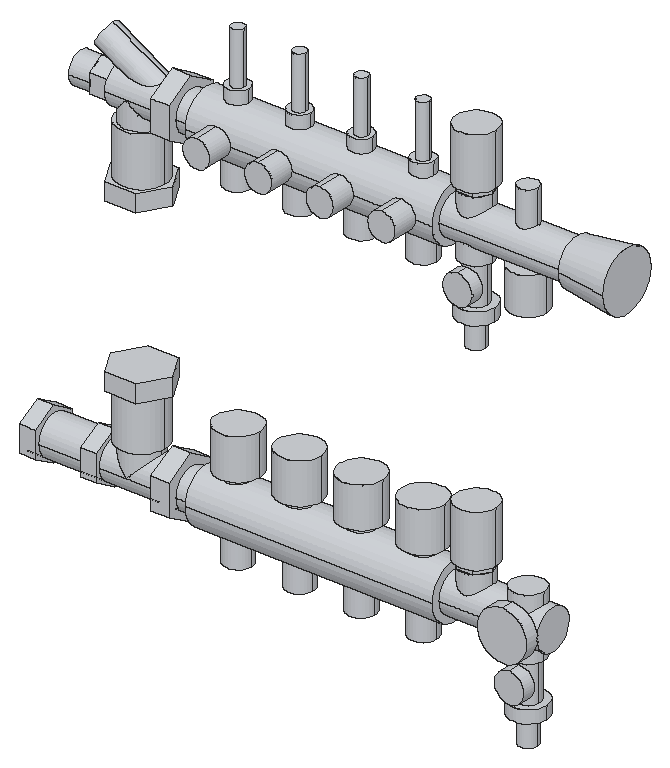
Revit family "318_1dab38ccfa9a4ba2b3cf6a35155c04", category Pipe Accessories, Revit 2017
Family settings
  Round Connector Dimension = Use Diameter
  Part Type = Valve - Normal
  Work Plane-Based = No
  Always vertical = Yes
  Cut with Voids When Loaded = No
  Shared = No
Parameters (values of type "R557FY004")
  magi_piping_qv_2_4 [instance] = 0.0 L/s
  magi_piping_qv_2_3 [instance] = 0.0 L/s
  magi_piping_qv_2_2 [instance] = 0.0 L/s
  magi_piping_qv_2_1 [instance] = 0.0 L/s
  magi_piping_qv_1_4 [instance] = 0.0 L/s
  magi_piping_qv_1_3 [instance] = 0.0 L/s
  magi_piping_qv_1_2 [instance] = 0.0 L/s
  magi_piping_qv_1_1 [instance] = 0.0 L/s
  magi_piping_qv [instance] = 0.0 L/s
  magi_piping_power_4 [instance] = 0 W
  magi_piping_power_3 [instance] = 0 W
  magi_piping_power_2 [instance] = 0 W
  magi_piping_power_1 [instance] = 0 W
  magi_piping_kv_4 [instance] = 0
  magi_piping_kv_3 [instance] = 0
  magi_piping_kv_2 [instance] = 0
  magi_piping_kv_1 [instance] = 0
  magi_piping_dpTot_4 [instance] = 0.0 Pa
  magi_piping_dpTot_3 [instance] = 0.0 Pa
  magi_piping_dpTot_2 [instance] = 0.0 Pa
  magi_piping_dpTot_1 [instance] = 0.0 Pa
  magi_adjustmentValue_4 [instance] = ""
  magi_adjustmentValue_3 [instance] = ""
  magi_adjustmentValue_2 [instance] = ""
  magi_adjustmentValue_1 [instance] = ""
  magiProductId = "1dab38ccfa9a4ba2b3cf6a35155c04"
  magiProductFamilyId = "1dab38ccfa9a4ba2b3cf6a35155c04"
  magiProductCode = "R557FY004"
  magiPartTypeId = 318
  X1 = 127 mm
  VersionID = "2.0/2016.10.37.0/GIACOMINI_R557FY_001"
  VL2__ve = -VL2  # -137 mm
  VL2 = 137 mm
  VL1 = 102 mm
  URL = "http://www.giacomini.com/en"
  SMP = 25 mm
  SBP9 = 18 mm
  SBP8 = 18 mm
  SBP7 = 18 mm
  SBP6 = 18 mm
  SBP5 = 18 mm
  SBP4 = 18 mm
  SBP3 = 18 mm
  SBP2 = 18 mm
  SBP12 = 18 mm
  SBP11 = 18 mm
  SBP10 = 18 mm
  SBP1 = 18 mm
  RMP = 25 mm
  RBP9 = 18 mm
  RBP8 = 18 mm
  RBP7 = 18 mm
  RBP6 = 18 mm
  RBP5 = 18 mm
  RBP4 = 18 mm
  RBP3 = 18 mm
  RBP2 = 18 mm
  RBP12 = 18 mm
  RBP11 = 18 mm
  RBP10 = 18 mm
  RBP1 = 18 mm
  R2 = 22 mm
  QmdConnectorList = "321;SMP;322;SBP1;323;SBP2;324;SBP3;325;SBP4;351;RMP;352;RBP1;353;RBP2;354;RBP3;355;RBP4"
  Productdata [instance] = "© Progman Oy, all rights reserved"
  N9 = no
  N8 = no
  N7 = no
  N6 = no
  N5 = no
  N4 = yes
  N3 = yes
  N12 = no
  N11 = no
  N10 = no
  Manufacturer = "Giacomini"
  MC_Default_elevation = 0 mm
  L = 200 mm
  I = 50 mm
  H5 = 33 mm
  H4 = 5 mm
  H3__ve = -H3  # -40 mm
  H3 = 40 mm
  H2__ve = -H2  # -20 mm
  H2 = 20 mm
  H12 = 42 mm
  H11 = 10 mm
  Flow supply main [instance] = Flow supply 1 + Flow supply 2 + Flow supply 3 + Flow supply 4  # 0.0 L/s
  Flow supply 4 [instance] = 0.0 L/s
  Flow supply 3 [instance] = 0.0 L/s
  Flow supply 2 [instance] = 0.0 L/s
  Flow supply 1 [instance] = 0.0 L/s
  Flow return main [instance] = Flow return 1 + Flow return 2 + Flow return 3 + Flow return 4  # 0.0 L/s
  Flow return 4 [instance] = 0.0 L/s
  Flow return 3 [instance] = 0.0 L/s
  Flow return 2 [instance] = 0.0 L/s
  Flow return 1 [instance] = 0.0 L/s
  E = 274 mm
  Description = "PREASSEMBLED MANIFOLD WITH FLOW METERS"
  D4 = 22 mm
  D32 = 10 mm
  D31 = 18 mm
  D2 = 44 mm
  CAT0 = yes
Reference planes
  plane 1 "Center (Front/Back)": y = 0
  plane 2 "XYPLANE": z = 0
  plane 3 "Center (Left/Right)": x = 0
  plane 4 "INIT_TEMP": y = 100
  plane 5 "386": y = -16
  plane 6 "385": z = -41
  plane 7 "384": z = -67
  plane 8 "383": z = -57
  plane 9 "382": y = -9
  plane 10 "381": z = -315
  plane 11 "380": z = -341
  plane 12 "379": z = -331
  plane 13 "378": z = -213
  plane 14 "377": z = -253
  plane 15 "376": z = -61
  plane 16 "375": z = -21
  plane 17 "374": x = 49
  plane 18 "373": x = 77
  plane 19 "372": x = 17
  plane 20 "371": x = 32
  plane 21 "370": x = -35
  plane 22 "369": x = 27
  plane 23 "368": x = 89
  plane 24 "367": x = -35
  plane 25 "366": x = 102
  plane 26 "365": z = -314
  plane 27 "364": z = -247
  plane 28 "363": z = -252
  plane 29 "362": z = -40
  plane 30 "361": x = 0
  plane 31 "360": y = 0
  plane 32 "359": z = -274
  plane 33 "358": z = 0
  plane 34 "357": z = 22
  plane 35 "356": x = 127
  plane 36 "355": x = 177
  plane 37 "354": y = -22
  plane 38 "353": x = 227
  plane 39 "352": z = 32
  plane 40 "351": x = 277
  plane 41 "350": x = 327
  plane 42 "349": x = 377
  plane 43 "348": x = 427
  plane 44 "347": x = 477
  plane 45 "346": x = 527
  plane 46 "345": x = 577
  plane 47 "344": x = 627
  plane 48 "343": x = 677
  plane 49 "342": x = 302
  plane 50 "341": x = 402
  plane 51 "340": x = 442
  plane 52 "339": x = 320
  plane 53 "338": z = -25
  plane 54 "337": z = 25
  plane 55 "336": z = 30
  plane 56 "335": z = -249
  plane 57 "334": z = -244
  plane 58 "333": z = -16
  plane 59 "332": x = 362
  plane 60 "331": z = -299
  plane 61 "1099": through (77, -750, 0) normal (0.866, 0, -0.5)
Forms (mm)
  Extrusion 1, solid
    sketch origin (750, -16, 0) x (-1, 0, 0) y (0, 0, 1)
      loop
        circle (388, -274) r 20
    from 0 to -10
  Extrusion 2, solid
    sketch origin (-750, 0, -67) x (1, 0, 0) y (0, 1, 0)
      loop
        circle (1070, 0) r 7.5
    from 0 to -22
  Extrusion 3, solid
    sketch origin (750, -9, 0) x (-1, 0, 0) y (0, 0, 1)
      loop
        circle (430, -41) r 12
    from 0 to -10
  Extrusion 4, solid
    sketch origin (750, -9, 0) x (-1, 0, 0) y (0, 0, 1)
      loop
        circle (388, -315) r 12
    from 0 to -10
  Extrusion 5, solid
    sketch origin (-750, 0, -341) x (1, 0, 0) y (0, 1, 0)
      loop
        circle (1112, 0) r 7.5
    from 0 to -22
  Extrusion 6, solid
    sketch origin (-750, 0, -57) x (1, 0, 0) y (0, 1, 0)
      loop
        circle (1070, 0) r 15
    from 0 to -10
  Extrusion 7, solid
    sketch origin (-750, 0, -331) x (1, 0, 0) y (0, 1, 0)
      loop
        circle (1112, 0) r 15
    from 0 to -10
  Extrusion 8, solid
    sketch origin (-750, 0, -299) x (1, 0, 0) y (0, 1, 0)
      loop
        circle (1112, 0) r 9
    from 0 to -32
  Extrusion 9, solid
    sketch origin (-750, 0, -253) x (1, 0, 0) y (0, 1, 0)
      loop
        circle (799, 0) r 19
    from 0 to 40
  Extrusion 10, solid
    sketch origin (-750, 0, -274) x (1, 0, 0) y (0, 1, 0)
      loop
        circle (799, 0) r 16
    from 0 to 21
  Extrusion 11, solid
    sketch origin (-750, 0, -213) x (1, 0, 0) y (0, 1, 0)
      loop
        line (824, 0) -> (811.5, 21.651) -> (786.5, 21.651) -> (774, 0) -> (786.5, -21.651) -> (811.5, -21.651) -> (824, 0)
    from 0 to 14
  Extrusion 12, solid
    sketch origin (-750, 0, -61) x (1, 0, 0) y (0, 1, 0)
      loop
        line (774, 0) -> (786.5, -21.651) -> (811.5, -21.651) -> (824, 0) -> (811.5, 21.651) -> (786.5, 21.651) -> (774, 0)
    from 0 to -14
  Extrusion 13, solid
    sketch origin (-750, 0, 0) x (1, 0, 0) y (0, 1, 0)
      loop
        circle (799, 0) r 16
    from 0 to -21
  Extrusion 14, solid
    sketch origin (-750, 0, -21) x (1, 0, 0) y (0, 1, 0)
      loop
        circle (799, 0) r 19
    from 0 to -40
  Extrusion 15, solid
    sketch origin (77, -750, 0) x (0, 1, 0) y (0.5, 0, 0.866025)
      loop
        circle (750, 0) r 10.5
    from 0 to -65
  Extrusion 16, solid, visible <- "CAT0"
    sketch origin (17, -750, 0) x (0, 1, 0) y (0, 0, 1)
      loop
        circle (750, 0) r 12.5
    from 0 to -17
  Extrusion 17, solid
    sketch origin (32, -750, 0) x (0, 1, 0) y (0, 0, 1)
      loop
        line (750, 15) -> (737.01, 7.5) -> (737.01, -7.5) -> (750, -15) -> (762.99, -7.5) -> (762.99, 7.5) -> (750, 15)
    from 0 to -15
  Extrusion 18, solid
    sketch origin (-35, -750, 0) x (0, 1, 0) y (0, 0, 1)
      loop
        line (750, -253) -> (731.813, -263.5) -> (731.813, -284.5) -> (750, -295) -> (768.187, -284.5) -> (768.187, -263.5) -> (750, -253)
    from 0 to 13
  Extrusion 19, solid
    sketch origin (27, -750, 0) x (0, 1, 0) y (0, 0, 1)
      loop
        line (750, -253) -> (731.813, -263.5) -> (731.813, -284.5) -> (750, -295) -> (768.187, -284.5) -> (768.187, -263.5) -> (750, -253)
    from 0 to -13
  Extrusion 20, solid
    sketch origin (102, -750, 0) x (0, 1, 0) y (0, 0, 1)
      loop
        circle (750, 0) r 16
    from 0 to -70
  Extrusion 21, solid
    sketch origin (89, -750, 0) x (0, 1, 0) y (0, 0, 1)
      loop
        line (750, 25) -> (728.349, 12.5) -> (728.349, -12.5) -> (750, -25) -> (771.651, -12.5) -> (771.651, 12.5) -> (750, 25)
    from 0 to -15
  Extrusion 22, solid
    sketch origin (89, -750, 0) x (0, 1, 0) y (0, 0, 1)
      loop
        line (750, -249) -> (728.349, -261.5) -> (728.349, -286.5) -> (750, -299) -> (771.651, -286.5) -> (771.651, -261.5) -> (750, -249)
    from 0 to -15
  Extrusion 23, solid
    sketch origin (102, -750, 0) x (0, 1, 0) y (0, 0, 1)
      loop
        circle (750, -274) r 16
    from 0 to -137 <- "VL2__ve"
  Extrusion 24, solid, visible <- "N10"
    sketch origin (-750, 0, -274) x (1, 0, 0) y (0, 1, 0)
      loop
        circle (1327, 0) r 11
    from 0 to -40 <- "H3__ve"
  Extrusion 25, solid, visible <- "N10"
    sketch origin (-750, 0, -252) x (1, 0, 0) y (0, 1, 0)
      loop
        circle (1327, 0) r 11
    from 0 to 5 <- "H4"
  Extrusion 26, solid, visible <- "N10"
    sketch origin (-750, 0, -247) x (1, 0, 0) y (0, 1, 0)
      loop
        circle (1327, 0) r 17.5
    from 0 to 33 <- "H5"
  Extrusion 27, solid, visible <- "N12"
    sketch origin (-750, 0, -247) x (1, 0, 0) y (0, 1, 0)
      loop
        circle (1427, 0) r 17.5
    from 0 to 33 <- "H5"
  Extrusion 28, solid, visible <- "N12"
    sketch origin (-750, 0, -252) x (1, 0, 0) y (0, 1, 0)
      loop
        circle (1427, 0) r 11
    from 0 to 5 <- "H4"
  Extrusion 29, solid, visible <- "N12"
    sketch origin (-750, 0, -274) x (1, 0, 0) y (0, 1, 0)
      loop
        circle (1427, 0) r 11
    from 0 to -40 <- "H3__ve"
  Extrusion 30, solid, visible <- "N11"
    sketch origin (-750, 0, -274) x (1, 0, 0) y (0, 1, 0)
      loop
        circle (1377, 0) r 11
    from 0 to -40 <- "H3__ve"
  Extrusion 31, solid, visible <- "N11"
    sketch origin (-750, 0, -252) x (1, 0, 0) y (0, 1, 0)
      loop
        circle (1377, 0) r 11
    from 0 to 5 <- "H4"
  Extrusion 32, solid, visible <- "N11"
    sketch origin (-750, 0, -247) x (1, 0, 0) y (0, 1, 0)
      loop
        circle (1377, 0) r 17.5
    from 0 to 33 <- "H5"
  Extrusion 33, solid, visible <- "N8"
    sketch origin (-750, 0, -247) x (1, 0, 0) y (0, 1, 0)
      loop
        circle (1227, 0) r 17.5
    from 0 to 33 <- "H5"
  Extrusion 34, solid, visible <- "N8"
    sketch origin (-750, 0, -252) x (1, 0, 0) y (0, 1, 0)
      loop
        circle (1227, 0) r 11
    from 0 to 5 <- "H4"
  Extrusion 35, solid, visible <- "N8"
    sketch origin (-750, 0, -274) x (1, 0, 0) y (0, 1, 0)
      loop
        circle (1227, 0) r 11
    from 0 to -40 <- "H3__ve"
  Extrusion 36, solid, visible <- "N9"
    sketch origin (-750, 0, -274) x (1, 0, 0) y (0, 1, 0)
      loop
        circle (1277, 0) r 11
    from 0 to -40 <- "H3__ve"
  Extrusion 37, solid, visible <- "N9"
    sketch origin (-750, 0, -252) x (1, 0, 0) y (0, 1, 0)
      loop
        circle (1277, 0) r 11
    from 0 to 5 <- "H4"
  Extrusion 38, solid, visible <- "N9"
    sketch origin (-750, 0, -247) x (1, 0, 0) y (0, 1, 0)
      loop
        circle (1277, 0) r 17.5
    from 0 to 33 <- "H5"
  Extrusion 39, solid, visible <- "N7"
    sketch origin (-750, 0, -247) x (1, 0, 0) y (0, 1, 0)
      loop
        circle (1177, 0) r 17.5
    from 0 to 33 <- "H5"
  Extrusion 40, solid, visible <- "N7"
    sketch origin (-750, 0, -252) x (1, 0, 0) y (0, 1, 0)
      loop
        circle (1177, 0) r 11
    from 0 to 5 <- "H4"
  Extrusion 41, solid, visible <- "N7"
    sketch origin (-750, 0, -274) x (1, 0, 0) y (0, 1, 0)
      loop
        circle (1177, 0) r 11
    from 0 to -40 <- "H3__ve"
  Extrusion 42, solid, visible <- "N6"
    sketch origin (-750, 0, -274) x (1, 0, 0) y (0, 1, 0)
      loop
        circle (1127, 0) r 11
    from 0 to -40 <- "H3__ve"
  Extrusion 43, solid, visible <- "N6"
    sketch origin (-750, 0, -252) x (1, 0, 0) y (0, 1, 0)
      loop
        circle (1127, 0) r 11
    from 0 to 5 <- "H4"
  Extrusion 44, solid, visible <- "N6"
    sketch origin (-750, 0, -247) x (1, 0, 0) y (0, 1, 0)
      loop
        circle (1127, 0) r 17.5
    from 0 to 33 <- "H5"
  Extrusion 45, solid, visible <- "N5"
    sketch origin (-750, 0, -247) x (1, 0, 0) y (0, 1, 0)
      loop
        circle (1077, 0) r 17.5
    from 0 to 33 <- "H5"
  Extrusion 46, solid, visible <- "N5"
    sketch origin (-750, 0, -252) x (1, 0, 0) y (0, 1, 0)
      loop
        circle (1077, 0) r 11
    from 0 to 5 <- "H4"
  Extrusion 47, solid, visible <- "N5"
    sketch origin (-750, 0, -274) x (1, 0, 0) y (0, 1, 0)
      loop
        circle (1077, 0) r 11
    from 0 to -40 <- "H3__ve"
  Extrusion 48, solid, visible <- "N4"
    sketch origin (-750, 0, -274) x (1, 0, 0) y (0, 1, 0)
      loop
        circle (1027, 0) r 11
    from 0 to -40 <- "H3__ve"
  Extrusion 49, solid, visible <- "N4"
    sketch origin (-750, 0, -252) x (1, 0, 0) y (0, 1, 0)
      loop
        circle (1027, 0) r 11
    from 0 to 5 <- "H4"
  Extrusion 50, solid, visible <- "N4"
    sketch origin (-750, 0, -247) x (1, 0, 0) y (0, 1, 0)
      loop
        circle (1027, 0) r 17.5
    from 0 to 33 <- "H5"
  Extrusion 51, solid, visible <- "N3"
    sketch origin (-750, 0, -247) x (1, 0, 0) y (0, 1, 0)
      loop
        circle (977, 0) r 17.5
    from 0 to 33 <- "H5"
  Extrusion 52, solid, visible <- "N3"
    sketch origin (-750, 0, -252) x (1, 0, 0) y (0, 1, 0)
      loop
        circle (977, 0) r 11
    from 0 to 5 <- "H4"
  Extrusion 53, solid
    sketch origin (-750, 0, -252) x (1, 0, 0) y (0, 1, 0)
      loop
        circle (927, 0) r 11
    from 0 to 5 <- "H4"
  Extrusion 54, solid
    sketch origin (-750, 0, -247) x (1, 0, 0) y (0, 1, 0)
      loop
        circle (927, 0) r 17.5
    from 0 to 33 <- "H5"
  Extrusion 55, solid
    sketch origin (-750, 0, -247) x (1, 0, 0) y (0, 1, 0)
      loop
        circle (877, 0) r 17.5
    from 0 to 33 <- "H5"
  Extrusion 56, solid
    sketch origin (-750, 0, -252) x (1, 0, 0) y (0, 1, 0)
      loop
        circle (877, 0) r 11
    from 0 to 5 <- "H4"
  Extrusion 57, solid, visible <- "N3"
    sketch origin (-750, 0, -274) x (1, 0, 0) y (0, 1, 0)
      loop
        circle (977, 0) r 11
    from 0 to -40 <- "H3__ve"
  Extrusion 58, solid
    sketch origin (-750, 0, -274) x (1, 0, 0) y (0, 1, 0)
      loop
        circle (877, 0) r 11
    from 0 to -40 <- "H3__ve"
  Extrusion 59, solid
    sketch origin (-750, 0, -274) x (1, 0, 0) y (0, 1, 0)
      loop
        circle (927, 0) r 11
    from 0 to -40 <- "H3__ve"
  Extrusion 60, solid
    sketch origin (102, -750, 0) x (0, 1, 0) y (0, 0, 1)
      loop
        circle (750, -274) r 22
    from 0 to 200 <- "L"
  Extrusion 61, solid, visible <- "N8"
    sketch origin (-750, 0, 0) x (1, 0, 0) y (0, 1, 0)
      loop
        circle (1227, 0) r 11
    from 0 to -40 <- "H3__ve"
  Extrusion 62, solid, visible <- "N9"
    sketch origin (-750, 0, 0) x (1, 0, 0) y (0, 1, 0)
      loop
        circle (1277, 0) r 11
    from 0 to -40 <- "H3__ve"
  Extrusion 63, solid, visible <- "N10"
    sketch origin (-750, 0, 0) x (1, 0, 0) y (0, 1, 0)
      loop
        circle (1327, 0) r 11
    from 0 to -40 <- "H3__ve"
  Extrusion 64, solid, visible <- "N11"
    sketch origin (-750, 0, 0) x (1, 0, 0) y (0, 1, 0)
      loop
        circle (1377, 0) r 11
    from 0 to -40 <- "H3__ve"
  Extrusion 65, solid, visible <- "N12"
    sketch origin (-750, 0, 0) x (1, 0, 0) y (0, 1, 0)
      loop
        circle (1427, 0) r 11
    from 0 to -40 <- "H3__ve"
  Extrusion 66, solid, visible <- "N7"
    sketch origin (-750, 0, 0) x (1, 0, 0) y (0, 1, 0)
      loop
        circle (1177, 0) r 11
    from 0 to -40 <- "H3__ve"
  Extrusion 67, solid, visible <- "N6"
    sketch origin (-750, 0, 0) x (1, 0, 0) y (0, 1, 0)
      loop
        circle (1127, 0) r 11
    from 0 to -40 <- "H3__ve"
  Extrusion 68, solid, visible <- "N5"
    sketch origin (-750, 0, 0) x (1, 0, 0) y (0, 1, 0)
      loop
        circle (1077, 0) r 11
    from 0 to -40 <- "H3__ve"
  Extrusion 69, solid, visible <- "N4"
    sketch origin (-750, 0, 0) x (1, 0, 0) y (0, 1, 0)
      loop
        circle (1027, 0) r 11
    from 0 to -40 <- "H3__ve"
  Extrusion 70, solid, visible <- "N3"
    sketch origin (-750, 0, 0) x (1, 0, 0) y (0, 1, 0)
      loop
        circle (977, 0) r 11
    from 0 to -40 <- "H3__ve"
  Extrusion 71, solid
    sketch origin (-750, 0, 0) x (1, 0, 0) y (0, 1, 0)
      loop
        circle (927, 0) r 11
    from 0 to -40 <- "H3__ve"
  Extrusion 72, solid
    sketch origin (-750, 0, 0) x (1, 0, 0) y (0, 1, 0)
      loop
        circle (877, 0) r 11
    from 0 to -40 <- "H3__ve"
  Extrusion 73, solid
    sketch origin (102, -750, 0) x (0, 1, 0) y (0, 0, 1)
      loop
        circle (750, 0) r 22
    from 0 to 200 <- "L"
  Extrusion 74, solid
    sketch origin (-750, 0, 22) x (1, 0, 0) y (0, 1, 0)
      loop
        circle (877, 0) r 9
    from 0 to 10 <- "H11"
  Extrusion 75, solid
    sketch origin (750, -22, 0) x (-1, 0, 0) y (0, 0, 1)
      loop
        circle (623, 0) r 11
    from 0 to -20 <- "H2__ve"
  Extrusion 76, solid
    sketch origin (750, -22, 0) x (-1, 0, 0) y (0, 0, 1)
      loop
        circle (573, 0) r 11
    from 0 to -20 <- "H2__ve"
  Extrusion 77, solid, visible <- "N3"
    sketch origin (750, -22, 0) x (-1, 0, 0) y (0, 0, 1)
      loop
        circle (523, 0) r 11
    from 0 to -20 <- "H2__ve"
  Extrusion 78, solid
    sketch origin (-750, 0, 32) x (1, 0, 0) y (0, 1, 0)
      loop
        circle (877, 0) r 5
    from 0 to 42 <- "H12"
  Extrusion 79, solid
    sketch origin (-750, 0, 32) x (1, 0, 0) y (0, 1, 0)
      loop
        circle (927, 0) r 5
    from 0 to 42 <- "H12"
  Extrusion 80, solid
    sketch origin (-750, 0, 22) x (1, 0, 0) y (0, 1, 0)
      loop
        circle (927, 0) r 9
    from 0 to 10 <- "H11"
  Extrusion 81, solid, visible <- "N3"
    sketch origin (-750, 0, 22) x (1, 0, 0) y (0, 1, 0)
      loop
        circle (977, 0) r 9
    from 0 to 10 <- "H11"
  Extrusion 82, solid, visible <- "N3"
    sketch origin (-750, 0, 32) x (1, 0, 0) y (0, 1, 0)
      loop
        circle (977, 0) r 5
    from 0 to 42 <- "H12"
  Extrusion 83, solid, visible <- "N4"
    sketch origin (-750, 0, 32) x (1, 0, 0) y (0, 1, 0)
      loop
        circle (1027, 0) r 5
    from 0 to 42 <- "H12"
  Extrusion 84, solid, visible <- "N4"
    sketch origin (-750, 0, 22) x (1, 0, 0) y (0, 1, 0)
      loop
        circle (1027, 0) r 9
    from 0 to 10 <- "H11"
  Extrusion 85, solid, visible <- "N4"
    sketch origin (750, -22, 0) x (-1, 0, 0) y (0, 0, 1)
      loop
        circle (473, 0) r 11
    from 0 to -20 <- "H2__ve"
  Extrusion 86, solid, visible <- "N5"
    sketch origin (750, -22, 0) x (-1, 0, 0) y (0, 0, 1)
      loop
        circle (423, 0) r 11
    from 0 to -20 <- "H2__ve"
  Extrusion 87, solid, visible <- "N5"
    sketch origin (-750, 0, 22) x (1, 0, 0) y (0, 1, 0)
      loop
        circle (1077, 0) r 9
    from 0 to 10 <- "H11"
  Extrusion 88, solid, visible <- "N5"
    sketch origin (-750, 0, 32) x (1, 0, 0) y (0, 1, 0)
      loop
        circle (1077, 0) r 5
    from 0 to 42 <- "H12"
  Extrusion 89, solid, visible <- "N6"
    sketch origin (-750, 0, 32) x (1, 0, 0) y (0, 1, 0)
      loop
        circle (1127, 0) r 5
    from 0 to 42 <- "H12"
  Extrusion 90, solid, visible <- "N6"
    sketch origin (-750, 0, 22) x (1, 0, 0) y (0, 1, 0)
      loop
        circle (1127, 0) r 9
    from 0 to 10 <- "H11"
  Extrusion 91, solid, visible <- "N6"
    sketch origin (750, -22, 0) x (-1, 0, 0) y (0, 0, 1)
      loop
        circle (373, 0) r 11
    from 0 to -20 <- "H2__ve"
  Extrusion 92, solid, visible <- "N7"
    sketch origin (750, -22, 0) x (-1, 0, 0) y (0, 0, 1)
      loop
        circle (323, 0) r 11
    from 0 to -20 <- "H2__ve"
  Extrusion 93, solid, visible <- "N7"
    sketch origin (-750, 0, 22) x (1, 0, 0) y (0, 1, 0)
      loop
        circle (1177, 0) r 9
    from 0 to 10 <- "H11"
  Extrusion 94, solid, visible <- "N7"
    sketch origin (-750, 0, 32) x (1, 0, 0) y (0, 1, 0)
      loop
        circle (1177, 0) r 5
    from 0 to 42 <- "H12"
  Extrusion 95, solid, visible <- "N8"
    sketch origin (-750, 0, 32) x (1, 0, 0) y (0, 1, 0)
      loop
        circle (1227, 0) r 5
    from 0 to 42 <- "H12"
  Extrusion 96, solid, visible <- "N8"
    sketch origin (-750, 0, 22) x (1, 0, 0) y (0, 1, 0)
      loop
        circle (1227, 0) r 9
    from 0 to 10 <- "H11"
  Extrusion 97, solid, visible <- "N8"
    sketch origin (750, -22, 0) x (-1, 0, 0) y (0, 0, 1)
      loop
        circle (273, 0) r 11
    from 0 to -20 <- "H2__ve"
  Extrusion 98, solid, visible <- "N10"
    sketch origin (750, -22, 0) x (-1, 0, 0) y (0, 0, 1)
      loop
        circle (173, 0) r 11
    from 0 to -20 <- "H2__ve"
  Extrusion 99, solid, visible <- "N10"
    sketch origin (-750, 0, 22) x (1, 0, 0) y (0, 1, 0)
      loop
        circle (1327, 0) r 9
    from 0 to 10 <- "H11"
  Extrusion 100, solid, visible <- "N10"
    sketch origin (-750, 0, 32) x (1, 0, 0) y (0, 1, 0)
      loop
        circle (1327, 0) r 5
    from 0 to 42 <- "H12"
  Extrusion 101, solid, visible <- "N9"
    sketch origin (-750, 0, 32) x (1, 0, 0) y (0, 1, 0)
      loop
        circle (1277, 0) r 5
    from 0 to 42 <- "H12"
  Extrusion 102, solid, visible <- "N9"
    sketch origin (-750, 0, 22) x (1, 0, 0) y (0, 1, 0)
      loop
        circle (1277, 0) r 9
    from 0 to 10 <- "H11"
  Extrusion 103, solid, visible <- "N9"
    sketch origin (750, -22, 0) x (-1, 0, 0) y (0, 0, 1)
      loop
        circle (223, 0) r 11
    from 0 to -20 <- "H2__ve"
  Extrusion 104, solid, visible <- "N11"
    sketch origin (-750, 0, 32) x (1, 0, 0) y (0, 1, 0)
      loop
        circle (1377, 0) r 5
    from 0 to 42 <- "H12"
  Extrusion 105, solid, visible <- "N11"
    sketch origin (-750, 0, 22) x (1, 0, 0) y (0, 1, 0)
      loop
        circle (1377, 0) r 9
    from 0 to 10 <- "H11"
  Extrusion 106, solid, visible <- "N11"
    sketch origin (750, -22, 0) x (-1, 0, 0) y (0, 0, 1)
      loop
        circle (123, 0) r 11
    from 0 to -20 <- "H2__ve"
  Extrusion 107, solid, visible <- "N12"
    sketch origin (750, -22, 0) x (-1, 0, 0) y (0, 0, 1)
      loop
        circle (73, 0) r 11
    from 0 to -20 <- "H2__ve"
  Extrusion 108, solid, visible <- "N12"
    sketch origin (-750, 0, 22) x (1, 0, 0) y (0, 1, 0)
      loop
        circle (1427, 0) r 9
    from 0 to 10 <- "H11"
  Extrusion 109, solid, visible <- "N12"
    sketch origin (-750, 0, 32) x (1, 0, 0) y (0, 1, 0)
      loop
        circle (1427, 0) r 5
    from 0 to 42 <- "H12"
  Extrusion 110, solid
    sketch origin (302, -750, 0) x (0, 1, 0) y (0, 0, 1)
      loop
        circle (750, 0) r 16
    from 0 to 100
  Blend 111, solid
    base sketch origin (402, -750, 0) x (0, 1, 0) y (0, 0, 1)
      loop
        circle (750, 0) r 19
    top sketch origin (402, -750, 0) x (0, 1, 0) y (0, 0, 1)
      loop
        circle (750, 0) r 24
    from 0 to 40
  Extrusion 112, solid
    sketch origin (-750, 0, -25) x (1, 0, 0) y (0, 1, 0)
      loop
        circle (1070, 0) r 13
    from 0 to 50
  Extrusion 113, solid
    sketch origin (-750, 0, 25) x (1, 0, 0) y (0, 1, 0)
      loop
        line (1083, 0) -> (1076.5, 11.258) -> (1063.5, 11.258) -> (1057, 0) -> (1063.5, -11.258) -> (1076.5, -11.258) -> (1083, 0)
    from 0 to 5
  Extrusion 114, solid
    sketch origin (-750, 0, 30) x (1, 0, 0) y (0, 1, 0)
      loop
        circle (1070, 0) r 16
    from 0 to 42
  Extrusion 115, solid
    sketch origin (302, -750, 0) x (0, 1, 0) y (0, 0, 1)
      loop
        circle (750, -274) r 16
    from 0 to 80
  Extrusion 116, solid
    sketch origin (-750, 0, -274) x (1, 0, 0) y (0, 1, 0)
      loop
        circle (1070, 0) r 13
    from 0 to 25
  Extrusion 117, solid
    sketch origin (-750, 0, -244) x (1, 0, 0) y (0, 1, 0)
      loop
        circle (1070, 0) r 16
    from 0 to 42
  Extrusion 118, solid
    sketch origin (-750, 0, -249) x (1, 0, 0) y (0, 1, 0)
      loop
        line (1083, 0) -> (1076.5, 11.258) -> (1063.5, 11.258) -> (1057, 0) -> (1063.5, -11.258) -> (1076.5, -11.258) -> (1083, 0)
    from 0 to 5
  Extrusion 119, solid, visible <- "CAT0"
    sketch origin (-750, 0, -16) x (1, 0, 0) y (0, 1, 0)
      loop
        circle (1112, 0) r 15
    from 0 to -30
  Extrusion 120, solid, visible <- "CAT0"
    sketch origin (-750, 0, 0) x (1, 0, 0) y (0, 1, 0)
      loop
        circle (1112, 0) r 8
    from 0 to 42
  Extrusion 121, solid
    sketch origin (-750, 0, -25) x (1, 0, 0) y (0, 1, 0)
      loop
        circle (1070, 0) r 9
    from 0 to -32
  Extrusion 122, solid
    sketch origin (-750, 0, -299) x (1, 0, 0) y (0, 1, 0)
      loop
        circle (1112, 0) r 13
    from 0 to 50
  Extrusion 123, solid, not visible
    sketch origin (-750, 0, -314) x (1, 0, 0) y (0, 1, 0)
      loop
        circle (1027, 0) r 10
    from 0 to 10
  Extrusion 124, solid, not visible
    sketch origin (-750, 0, -314) x (1, 0, 0) y (0, 1, 0)
      loop
        circle (927, 0) r 10
    from 0 to 10
  Extrusion 125, solid, not visible
    sketch origin (-750, 0, -314) x (1, 0, 0) y (0, 1, 0)
      loop
        circle (877, 0) r 10
    from 0 to 10
  Extrusion 126, solid, not visible
    sketch origin (-750, 0, -314) x (1, 0, 0) y (0, 1, 0)
      loop
        circle (977, 0) r 10
    from 0 to 10
  Extrusion 127, solid, not visible
    sketch origin (-750, 0, -40) x (1, 0, 0) y (0, 1, 0)
      loop
        circle (1027, 0) r 10
    from 0 to 10
  Extrusion 128, solid, not visible
    sketch origin (-750, 0, -40) x (1, 0, 0) y (0, 1, 0)
      loop
        circle (977, 0) r 10
    from 0 to 10
  Extrusion 129, solid, not visible
    sketch origin (0, -750, 0) x (0, 1, 0) y (0, 0, 1)
      loop
        circle (750, 0) r 10
    from 0 to 10
  Extrusion 130, solid, not visible
    sketch origin (-35, -750, 0) x (0, 1, 0) y (0, 0, 1)
      loop
        circle (750, -274) r 10
    from 0 to 10
  Extrusion 131, solid, not visible
    sketch origin (-750, 0, -40) x (1, 0, 0) y (0, 1, 0)
      loop
        circle (877, 0) r 10
    from 0 to 10
  Extrusion 132, solid, not visible
    sketch origin (-750, 0, -40) x (1, 0, 0) y (0, 1, 0)
      loop
        circle (927, 0) r 10
    from 0 to 10
Text (mm)
  text "© Progman Oy, all rights reserved" at (-472.209, -2482.653, 0), in view "Ref. Level"
Dimensions and locks
  plane 4 "INIT_TEMP" to plane 1 "Center (Front/Back)" = 100 mm
  locked: plane 1 "Center (Front/Back)" to plane 5 "386" at 16
  locked: plane 53 "338" to plane 6 "385" at 16
  locked: plane 8 "383" to plane 7 "384" at 10
  locked: plane 53 "338" to plane 8 "383" at 32
  locked: plane 1 "Center (Front/Back)" to plane 9 "382" at 9
  locked: plane 60 "331" to plane 10 "381" at 16
  locked: plane 12 "379" to plane 11 "380" at 10
  locked: plane 60 "331" to plane 12 "379" at 32
  locked: plane 14 "377" to plane 13 "378" at 40
  locked: plane 32 "359" to plane 14 "377" at 21
  locked: plane 16 "375" to plane 15 "376" at 40
  locked: plane 2 "XYPLANE" to plane 16 "375" at 21
  locked: plane 25 "366" to plane 17 "374" at 53
  locked: plane 25 "366" to plane 18 "373" at 25
  locked: plane 20 "371" to plane 19 "372" at 15
  locked: plane 25 "366" to plane 20 "371" at 70
  "VL2": plane 25 "366" to plane 21 "370"
  locked: plane 23 "368" to plane 22 "369" at 62
  locked: plane 25 "366" to plane 23 "368" at 13
  "VL2": plane 25 "366" to plane 24 "367"
  "VL1": plane 3 "Center (Left/Right)" to plane 25 "366"
  "H3": plane 32 "359" to plane 26 "365"
  "H4": plane 28 "363" to plane 27 "364"
  "R2": plane 32 "359" to plane 28 "363"
  "H3": plane 2 "XYPLANE" to plane 29 "362"
  locked: plane 3 "Center (Left/Right)" to plane 30 "361"
  locked: plane 1 "Center (Front/Back)" to plane 31 "360"
  "E": plane 2 "XYPLANE" to plane 32 "359"
  locked: plane 2 "XYPLANE" to plane 33 "358"
  "R2": plane 2 "XYPLANE" to plane 34 "357"
  "X1": plane 3 "Center (Left/Right)" to plane 35 "356"
  "I": plane 35 "356" to plane 36 "355"
  "R2": plane 1 "Center (Front/Back)" to plane 37 "354"
  "I": plane 36 "355" to plane 38 "353"
  "H11": plane 34 "357" to plane 39 "352"
  "I": plane 38 "353" to plane 40 "351"
  "I": plane 40 "351" to plane 41 "350"
  "I": plane 41 "350" to plane 42 "349"
  "I": plane 42 "349" to plane 43 "348"
  "I": plane 43 "348" to plane 44 "347"
  "I": plane 44 "347" to plane 45 "346"
  "I": plane 45 "346" to plane 46 "345"
  "I": plane 46 "345" to plane 47 "344"
  "I": plane 47 "344" to plane 48 "343"
  "L": plane 25 "366" to plane 49 "342"
  locked: plane 49 "342" to plane 50 "341" at 100
  locked: plane 50 "341" to plane 51 "340" at 40
  locked: plane 49 "342" to plane 52 "339" at 18
  locked: plane 2 "XYPLANE" to plane 53 "338" at 25
  locked: plane 53 "338" to plane 54 "337" at 50
  locked: plane 54 "337" to plane 55 "336" at 5
  locked: plane 32 "359" to plane 56 "335" at 25
  locked: plane 56 "335" to plane 57 "334" at 5
  locked: plane 2 "XYPLANE" to plane 58 "333" at 16
  locked: plane 49 "342" to plane 59 "332" at 60
  locked: plane 32 "359" to plane 60 "331" at 25
  "D4": diameter of Extrusion 24 sketch curve
  "D4": diameter of Extrusion 25 sketch curve
  diameter of Extrusion 26 sketch curve = 35 mm
  diameter of Extrusion 27 sketch curve = 35 mm
  "D4": diameter of Extrusion 28 sketch curve
  "D4": diameter of Extrusion 29 sketch curve
  "D4": diameter of Extrusion 30 sketch curve
  "D4": diameter of Extrusion 31 sketch curve
  diameter of Extrusion 32 sketch curve = 35 mm
  diameter of Extrusion 33 sketch curve = 35 mm
  "D4": diameter of Extrusion 34 sketch curve
  "D4": diameter of Extrusion 35 sketch curve
  "D4": diameter of Extrusion 36 sketch curve
  "D4": diameter of Extrusion 37 sketch curve
  diameter of Extrusion 38 sketch curve = 35 mm
  diameter of Extrusion 39 sketch curve = 35 mm
  "D4": diameter of Extrusion 40 sketch curve
  "D4": diameter of Extrusion 41 sketch curve
  "D4": diameter of Extrusion 42 sketch curve
  "D4": diameter of Extrusion 43 sketch curve
  diameter of Extrusion 44 sketch curve = 35 mm
  diameter of Extrusion 45 sketch curve = 35 mm
  "D4": diameter of Extrusion 46 sketch curve
  "D4": diameter of Extrusion 47 sketch curve
  "D4": diameter of Extrusion 48 sketch curve
  "D4": diameter of Extrusion 49 sketch curve
  diameter of Extrusion 50 sketch curve = 35 mm
  diameter of Extrusion 51 sketch curve = 35 mm
  "D4": diameter of Extrusion 52 sketch curve
  "D4": diameter of Extrusion 53 sketch curve
  diameter of Extrusion 54 sketch curve = 35 mm
  diameter of Extrusion 55 sketch curve = 35 mm
  "D4": diameter of Extrusion 56 sketch curve
  "D4": diameter of Extrusion 57 sketch curve
  "D4": diameter of Extrusion 58 sketch curve
  "D4": diameter of Extrusion 59 sketch curve
  "D2": diameter of Extrusion 60 sketch curve
  "D4": diameter of Extrusion 61 sketch curve
  "D4": diameter of Extrusion 62 sketch curve
  "D4": diameter of Extrusion 63 sketch curve
  "D4": diameter of Extrusion 64 sketch curve
  "D4": diameter of Extrusion 65 sketch curve
  "D4": diameter of Extrusion 66 sketch curve
  "D4": diameter of Extrusion 67 sketch curve
  "D4": diameter of Extrusion 68 sketch curve
  "D4": diameter of Extrusion 69 sketch curve
  "D4": diameter of Extrusion 70 sketch curve
  "D4": diameter of Extrusion 71 sketch curve
  "D4": diameter of Extrusion 72 sketch curve
  "D2": diameter of Extrusion 73 sketch curve
  "D31": diameter of Extrusion 74 sketch curve
  "D4": diameter of Extrusion 75 sketch curve
  "D4": diameter of Extrusion 76 sketch curve
  "D4": diameter of Extrusion 77 sketch curve
  "D32": diameter of Extrusion 78 sketch curve
  "D32": diameter of Extrusion 79 sketch curve
  "D31": diameter of Extrusion 80 sketch curve
  "D31": diameter of Extrusion 81 sketch curve
  "D32": diameter of Extrusion 82 sketch curve
  "D32": diameter of Extrusion 83 sketch curve
  "D31": diameter of Extrusion 84 sketch curve
  "D4": diameter of Extrusion 85 sketch curve
  "D4": diameter of Extrusion 86 sketch curve
  "D31": diameter of Extrusion 87 sketch curve
  "D32": diameter of Extrusion 88 sketch curve
  "D32": diameter of Extrusion 89 sketch curve
  "D31": diameter of Extrusion 90 sketch curve
  "D4": diameter of Extrusion 91 sketch curve
  "D4": diameter of Extrusion 92 sketch curve
  "D31": diameter of Extrusion 93 sketch curve
  "D32": diameter of Extrusion 94 sketch curve
  "D32": diameter of Extrusion 95 sketch curve
  "D31": diameter of Extrusion 96 sketch curve
  "D4": diameter of Extrusion 97 sketch curve
  "D4": diameter of Extrusion 98 sketch curve
  "D31": diameter of Extrusion 99 sketch curve
  "D32": diameter of Extrusion 100 sketch curve
  "D32": diameter of Extrusion 101 sketch curve
  "D31": diameter of Extrusion 102 sketch curve
  "D4": diameter of Extrusion 103 sketch curve
  "D32": diameter of Extrusion 104 sketch curve
  "D31": diameter of Extrusion 105 sketch curve
  "D4": diameter of Extrusion 106 sketch curve
  "D4": diameter of Extrusion 107 sketch curve
  "D31": diameter of Extrusion 108 sketch curve
  "D32": diameter of Extrusion 109 sketch curve
  aligned and locked: level to plane 2 "XYPLANE"
  aligned and locked: plane 32 "359" to Extrusion 1 sketch curve
  aligned and locked: plane 59 "332" to Extrusion 1 sketch curve
  aligned and locked: plane 31 "360" to Extrusion 2 sketch curve
  aligned and locked: plane 52 "339" to Extrusion 2 sketch curve
  aligned and locked: plane 6 "385" to Extrusion 3 sketch curve
  aligned and locked: plane 52 "339" to Extrusion 3 sketch curve
  aligned and locked: plane 10 "381" to Extrusion 4 sketch curve
  aligned and locked: plane 59 "332" to Extrusion 4 sketch curve
  aligned and locked: plane 31 "360" to Extrusion 5 sketch curve
  aligned and locked: plane 59 "332" to Extrusion 5 sketch curve
  aligned and locked: plane 31 "360" to Extrusion 6 sketch curve
  aligned and locked: plane 52 "339" to Extrusion 6 sketch curve
  aligned and locked: plane 31 "360" to Extrusion 7 sketch curve
  aligned and locked: plane 59 "332" to Extrusion 7 sketch curve
  aligned and locked: plane 31 "360" to Extrusion 8 sketch curve
  aligned and locked: plane 59 "332" to Extrusion 8 sketch curve
  aligned and locked: plane 17 "374" to Extrusion 9 sketch curve
  aligned and locked: plane 31 "360" to Extrusion 9 sketch curve
  aligned and locked: plane 17 "374" to Extrusion 10 sketch curve
  aligned and locked: plane 31 "360" to Extrusion 10 sketch curve
  aligned and locked: plane 17 "374" to Extrusion 13 sketch curve
  aligned and locked: plane 31 "360" to Extrusion 13 sketch curve
  aligned and locked: plane 17 "374" to Extrusion 14 sketch curve
  aligned and locked: plane 31 "360" to Extrusion 14 sketch curve
  aligned and locked: plane 31 "360" to Extrusion 15 sketch curve
  aligned and locked: Extrusion 16 sketch curve to plane 31 "360"
  aligned and locked: plane 33 "358" to Extrusion 16 sketch curve
  aligned and locked: Extrusion 20 sketch curve to plane 31 "360"
  aligned and locked: plane 33 "358" to Extrusion 20 sketch curve
  aligned and locked: Extrusion 23 sketch curve to plane 31 "360"
  aligned and locked: plane 32 "359" to Extrusion 23 sketch curve
  aligned and locked: plane 31 "360" to Extrusion 24 sketch curve
  aligned and locked: plane 46 "345" to Extrusion 24 sketch curve
  aligned and locked: plane 31 "360" to Extrusion 25 sketch curve
  aligned and locked: plane 46 "345" to Extrusion 25 sketch curve
  aligned and locked: plane 31 "360" to Extrusion 26 sketch curve
  aligned and locked: plane 46 "345" to Extrusion 26 sketch curve
  aligned and locked: plane 31 "360" to Extrusion 27 sketch curve
  aligned and locked: plane 48 "343" to Extrusion 27 sketch curve
  aligned and locked: plane 31 "360" to Extrusion 28 sketch curve
  aligned and locked: plane 48 "343" to Extrusion 28 sketch curve
  aligned and locked: plane 31 "360" to Extrusion 29 sketch curve
  aligned and locked: plane 48 "343" to Extrusion 29 sketch curve
  aligned and locked: plane 31 "360" to Extrusion 30 sketch curve
  aligned and locked: plane 47 "344" to Extrusion 30 sketch curve
  aligned and locked: plane 31 "360" to Extrusion 31 sketch curve
  aligned and locked: plane 47 "344" to Extrusion 31 sketch curve
  aligned and locked: plane 31 "360" to Extrusion 32 sketch curve
  aligned and locked: plane 47 "344" to Extrusion 32 sketch curve
  aligned and locked: plane 31 "360" to Extrusion 33 sketch curve
  aligned and locked: plane 44 "347" to Extrusion 33 sketch curve
  aligned and locked: plane 31 "360" to Extrusion 34 sketch curve
  aligned and locked: plane 44 "347" to Extrusion 34 sketch curve
  aligned and locked: plane 31 "360" to Extrusion 35 sketch curve
  aligned and locked: plane 44 "347" to Extrusion 35 sketch curve
  aligned and locked: plane 31 "360" to Extrusion 36 sketch curve
  aligned and locked: plane 45 "346" to Extrusion 36 sketch curve
  aligned and locked: plane 31 "360" to Extrusion 37 sketch curve
  aligned and locked: plane 45 "346" to Extrusion 37 sketch curve
  aligned and locked: plane 31 "360" to Extrusion 38 sketch curve
  aligned and locked: plane 45 "346" to Extrusion 38 sketch curve
  aligned and locked: plane 31 "360" to Extrusion 39 sketch curve
  aligned and locked: plane 43 "348" to Extrusion 39 sketch curve
  aligned and locked: plane 31 "360" to Extrusion 40 sketch curve
  aligned and locked: plane 43 "348" to Extrusion 40 sketch curve
  aligned and locked: plane 31 "360" to Extrusion 41 sketch curve
  aligned and locked: plane 43 "348" to Extrusion 41 sketch curve
  aligned and locked: plane 31 "360" to Extrusion 42 sketch curve
  aligned and locked: plane 42 "349" to Extrusion 42 sketch curve
  aligned and locked: plane 31 "360" to Extrusion 43 sketch curve
  aligned and locked: plane 42 "349" to Extrusion 43 sketch curve
  aligned and locked: plane 31 "360" to Extrusion 44 sketch curve
  aligned and locked: plane 42 "349" to Extrusion 44 sketch curve
  aligned and locked: plane 31 "360" to Extrusion 45 sketch curve
  aligned and locked: plane 41 "350" to Extrusion 45 sketch curve
  aligned and locked: plane 31 "360" to Extrusion 46 sketch curve
  aligned and locked: plane 41 "350" to Extrusion 46 sketch curve
  aligned and locked: plane 31 "360" to Extrusion 47 sketch curve
  aligned and locked: plane 41 "350" to Extrusion 47 sketch curve
  aligned and locked: plane 31 "360" to Extrusion 48 sketch curve
  aligned and locked: plane 40 "351" to Extrusion 48 sketch curve
  aligned and locked: plane 31 "360" to Extrusion 49 sketch curve
  aligned and locked: plane 40 "351" to Extrusion 49 sketch curve
  aligned and locked: plane 31 "360" to Extrusion 50 sketch curve
  aligned and locked: plane 40 "351" to Extrusion 50 sketch curve
  aligned and locked: plane 31 "360" to Extrusion 51 sketch curve
  aligned and locked: plane 38 "353" to Extrusion 51 sketch curve
  aligned and locked: plane 31 "360" to Extrusion 52 sketch curve
  aligned and locked: plane 38 "353" to Extrusion 52 sketch curve
  aligned and locked: plane 31 "360" to Extrusion 53 sketch curve
  aligned and locked: plane 36 "355" to Extrusion 53 sketch curve
  aligned and locked: plane 31 "360" to Extrusion 54 sketch curve
  aligned and locked: plane 36 "355" to Extrusion 54 sketch curve
  aligned and locked: plane 31 "360" to Extrusion 55 sketch curve
  aligned and locked: plane 35 "356" to Extrusion 55 sketch curve
  aligned and locked: plane 31 "360" to Extrusion 56 sketch curve
  aligned and locked: plane 35 "356" to Extrusion 56 sketch curve
  aligned and locked: plane 31 "360" to Extrusion 57 sketch curve
  aligned and locked: plane 38 "353" to Extrusion 57 sketch curve
  aligned and locked: plane 31 "360" to Extrusion 58 sketch curve
  aligned and locked: plane 35 "356" to Extrusion 58 sketch curve
  aligned and locked: plane 31 "360" to Extrusion 59 sketch curve
  aligned and locked: plane 36 "355" to Extrusion 59 sketch curve
  aligned and locked: Extrusion 60 sketch curve to plane 31 "360"
  aligned and locked: plane 32 "359" to Extrusion 60 sketch curve
  aligned and locked: plane 31 "360" to Extrusion 61 sketch curve
  aligned and locked: plane 44 "347" to Extrusion 61 sketch curve
  aligned and locked: plane 31 "360" to Extrusion 62 sketch curve
  aligned and locked: plane 45 "346" to Extrusion 62 sketch curve
  aligned and locked: plane 31 "360" to Extrusion 63 sketch curve
  aligned and locked: plane 46 "345" to Extrusion 63 sketch curve
  aligned and locked: plane 31 "360" to Extrusion 64 sketch curve
  aligned and locked: plane 47 "344" to Extrusion 64 sketch curve
  aligned and locked: plane 31 "360" to Extrusion 65 sketch curve
  aligned and locked: plane 48 "343" to Extrusion 65 sketch curve
  aligned and locked: plane 31 "360" to Extrusion 66 sketch curve
  aligned and locked: plane 43 "348" to Extrusion 66 sketch curve
  aligned and locked: plane 31 "360" to Extrusion 67 sketch curve
  aligned and locked: plane 42 "349" to Extrusion 67 sketch curve
  aligned and locked: plane 31 "360" to Extrusion 68 sketch curve
  aligned and locked: plane 41 "350" to Extrusion 68 sketch curve
  aligned and locked: plane 31 "360" to Extrusion 69 sketch curve
  aligned and locked: plane 40 "351" to Extrusion 69 sketch curve
  aligned and locked: plane 31 "360" to Extrusion 70 sketch curve
  aligned and locked: plane 38 "353" to Extrusion 70 sketch curve
  aligned and locked: plane 31 "360" to Extrusion 71 sketch curve
  aligned and locked: plane 36 "355" to Extrusion 71 sketch curve
  aligned and locked: plane 31 "360" to Extrusion 72 sketch curve
  aligned and locked: plane 35 "356" to Extrusion 72 sketch curve
  aligned and locked: Extrusion 73 sketch curve to plane 31 "360"
  aligned and locked: plane 33 "358" to Extrusion 73 sketch curve
  aligned and locked: plane 31 "360" to Extrusion 74 sketch curve
  aligned and locked: plane 35 "356" to Extrusion 74 sketch curve
  aligned and locked: plane 33 "358" to Extrusion 75 sketch curve
  aligned and locked: plane 35 "356" to Extrusion 75 sketch curve
  aligned and locked: plane 33 "358" to Extrusion 76 sketch curve
  aligned and locked: plane 36 "355" to Extrusion 76 sketch curve
  aligned and locked: plane 33 "358" to Extrusion 77 sketch curve
  aligned and locked: plane 38 "353" to Extrusion 77 sketch curve
  aligned and locked: plane 31 "360" to Extrusion 78 sketch curve
  aligned and locked: plane 35 "356" to Extrusion 78 sketch curve
  aligned and locked: plane 31 "360" to Extrusion 79 sketch curve
  aligned and locked: plane 36 "355" to Extrusion 79 sketch curve
  aligned and locked: plane 31 "360" to Extrusion 80 sketch curve
  aligned and locked: plane 36 "355" to Extrusion 80 sketch curve
  aligned and locked: plane 31 "360" to Extrusion 81 sketch curve
  aligned and locked: plane 38 "353" to Extrusion 81 sketch curve
  aligned and locked: plane 31 "360" to Extrusion 82 sketch curve
  aligned and locked: plane 38 "353" to Extrusion 82 sketch curve
  aligned and locked: plane 31 "360" to Extrusion 83 sketch curve
  aligned and locked: plane 40 "351" to Extrusion 83 sketch curve
  aligned and locked: plane 31 "360" to Extrusion 84 sketch curve
  aligned and locked: plane 40 "351" to Extrusion 84 sketch curve
  aligned and locked: plane 33 "358" to Extrusion 85 sketch curve
  aligned and locked: plane 40 "351" to Extrusion 85 sketch curve
  aligned and locked: plane 33 "358" to Extrusion 86 sketch curve
  aligned and locked: plane 41 "350" to Extrusion 86 sketch curve
  aligned and locked: plane 31 "360" to Extrusion 87 sketch curve
  aligned and locked: plane 41 "350" to Extrusion 87 sketch curve
  aligned and locked: plane 31 "360" to Extrusion 88 sketch curve
  aligned and locked: plane 41 "350" to Extrusion 88 sketch curve
  aligned and locked: plane 31 "360" to Extrusion 89 sketch curve
  aligned and locked: plane 42 "349" to Extrusion 89 sketch curve
  aligned and locked: plane 31 "360" to Extrusion 90 sketch curve
  aligned and locked: plane 42 "349" to Extrusion 90 sketch curve
  aligned and locked: plane 33 "358" to Extrusion 91 sketch curve
  aligned and locked: plane 42 "349" to Extrusion 91 sketch curve
  aligned and locked: plane 33 "358" to Extrusion 92 sketch curve
  aligned and locked: plane 43 "348" to Extrusion 92 sketch curve
  aligned and locked: plane 31 "360" to Extrusion 93 sketch curve
  aligned and locked: plane 43 "348" to Extrusion 93 sketch curve
  aligned and locked: plane 31 "360" to Extrusion 94 sketch curve
  aligned and locked: plane 43 "348" to Extrusion 94 sketch curve
  aligned and locked: plane 31 "360" to Extrusion 95 sketch curve
  aligned and locked: plane 44 "347" to Extrusion 95 sketch curve
  aligned and locked: plane 31 "360" to Extrusion 96 sketch curve
  aligned and locked: plane 44 "347" to Extrusion 96 sketch curve
  aligned and locked: plane 33 "358" to Extrusion 97 sketch curve
  aligned and locked: plane 44 "347" to Extrusion 97 sketch curve
  aligned and locked: plane 33 "358" to Extrusion 98 sketch curve
  aligned and locked: plane 46 "345" to Extrusion 98 sketch curve
  aligned and locked: plane 31 "360" to Extrusion 99 sketch curve
  aligned and locked: plane 46 "345" to Extrusion 99 sketch curve
  aligned and locked: plane 31 "360" to Extrusion 100 sketch curve
  aligned and locked: plane 46 "345" to Extrusion 100 sketch curve
  aligned and locked: plane 31 "360" to Extrusion 101 sketch curve
  aligned and locked: plane 45 "346" to Extrusion 101 sketch curve
  aligned and locked: plane 31 "360" to Extrusion 102 sketch curve
  aligned and locked: plane 45 "346" to Extrusion 102 sketch curve
  aligned and locked: plane 33 "358" to Extrusion 103 sketch curve
  aligned and locked: plane 45 "346" to Extrusion 103 sketch curve
  aligned and locked: plane 31 "360" to Extrusion 104 sketch curve
  aligned and locked: plane 47 "344" to Extrusion 104 sketch curve
  aligned and locked: plane 31 "360" to Extrusion 105 sketch curve
  aligned and locked: plane 47 "344" to Extrusion 105 sketch curve
  aligned and locked: plane 33 "358" to Extrusion 106 sketch curve
  aligned and locked: plane 47 "344" to Extrusion 106 sketch curve
  aligned and locked: plane 33 "358" to Extrusion 107 sketch curve
  aligned and locked: plane 48 "343" to Extrusion 107 sketch curve
  aligned and locked: plane 31 "360" to Extrusion 108 sketch curve
  aligned and locked: plane 48 "343" to Extrusion 108 sketch curve
  aligned and locked: plane 31 "360" to Extrusion 109 sketch curve
  aligned and locked: plane 48 "343" to Extrusion 109 sketch curve
  aligned and locked: Extrusion 110 sketch curve to plane 31 "360"
  aligned and locked: plane 33 "358" to Extrusion 110 sketch curve
  aligned and locked: Blend 111 sketch curve to plane 31 "360"  (x2)
  aligned and locked: plane 33 "358" to Blend 111 sketch curve  (x2)
  aligned and locked: plane 51 "340" to Blend 111
  aligned and locked: plane 31 "360" to Extrusion 112 sketch curve
  aligned and locked: plane 52 "339" to Extrusion 112 sketch curve
  aligned and locked: plane 31 "360" to Extrusion 114 sketch curve
  aligned and locked: plane 52 "339" to Extrusion 114 sketch curve
  aligned and locked: Extrusion 115 sketch curve to plane 31 "360"
  aligned and locked: plane 32 "359" to Extrusion 115 sketch curve
  aligned and locked: plane 31 "360" to Extrusion 116 sketch curve
  aligned and locked: plane 52 "339" to Extrusion 116 sketch curve
  aligned and locked: plane 31 "360" to Extrusion 117 sketch curve
  aligned and locked: plane 52 "339" to Extrusion 117 sketch curve
  aligned and locked: plane 31 "360" to Extrusion 119 sketch curve
  aligned and locked: plane 59 "332" to Extrusion 119 sketch curve
  aligned and locked: plane 31 "360" to Extrusion 120 sketch curve
  aligned and locked: plane 59 "332" to Extrusion 120 sketch curve
  aligned and locked: plane 31 "360" to Extrusion 121 sketch curve
  aligned and locked: plane 52 "339" to Extrusion 121 sketch curve
  aligned and locked: plane 31 "360" to Extrusion 122 sketch curve
  aligned and locked: plane 59 "332" to Extrusion 122 sketch curve
  aligned and locked: plane 31 "360" to Extrusion 123 sketch curve
  aligned and locked: plane 40 "351" to Extrusion 123 sketch curve
  aligned and locked: plane 31 "360" to Extrusion 124 sketch curve
  aligned and locked: plane 36 "355" to Extrusion 124 sketch curve
  aligned and locked: plane 31 "360" to Extrusion 125 sketch curve
  aligned and locked: plane 35 "356" to Extrusion 125 sketch curve
  aligned and locked: plane 31 "360" to Extrusion 126 sketch curve
  aligned and locked: plane 38 "353" to Extrusion 126 sketch curve
  aligned and locked: plane 31 "360" to Extrusion 127 sketch curve
  aligned and locked: plane 40 "351" to Extrusion 127 sketch curve
  aligned and locked: plane 31 "360" to Extrusion 128 sketch curve
  aligned and locked: plane 38 "353" to Extrusion 128 sketch curve
  aligned and locked: Extrusion 129 sketch curve to plane 31 "360"
  aligned and locked: plane 33 "358" to Extrusion 129 sketch curve
  aligned and locked: Extrusion 130 sketch curve to plane 31 "360"
  aligned and locked: plane 32 "359" to Extrusion 130 sketch curve
  aligned and locked: plane 31 "360" to Extrusion 131 sketch curve
  aligned and locked: plane 35 "356" to Extrusion 131 sketch curve
  aligned and locked: plane 31 "360" to Extrusion 132 sketch curve
  aligned and locked: plane 36 "355" to Extrusion 132 sketch curve
Automatic sketch dimensions
  plane 60 "331" to Extrusion 1 sketch curve = 5 mm
  Extrusion 2 sketch curve to plane 52 "339" = 7.5 mm
  plane 8 "383" to Extrusion 3 sketch curve = 4 mm
  plane 12 "379" to Extrusion 4 sketch curve = 4 mm
  Extrusion 5 sketch curve to plane 59 "332" = 7.5 mm
  plane 49 "342" to Extrusion 6 sketch curve = 3 mm
  Extrusion 7 sketch curve to plane 42 "349" = 0 mm
  Extrusion 8 sketch curve to plane 59 "332" = 9 mm
  Extrusion 9 sketch curve to plane 20 "371" = 2 mm
  plane 20 "371" to Extrusion 10 sketch curve = 1 mm
  plane 1 "Center (Front/Back)" to Extrusion 11 sketch curve = 0 mm  (x2)
  Extrusion 11 sketch curve to plane 22 "369" = 3 mm
  plane 20 "371" to Extrusion 11 sketch curve = 4.5 mm  (x2)
  plane 37 "354" to Extrusion 11 sketch curve = 0.349 mm
  plane 17 "374" to Extrusion 11 sketch curve = 12.5 mm  (x2)
  Extrusion 11 sketch curve to plane 18 "373" = 3 mm
  Extrusion 11 sketch curve to plane 1 "Center (Front/Back)" = 21.651 mm
  plane 1 "Center (Front/Back)" to Extrusion 12 sketch curve = 0 mm  (x2)
  Extrusion 12 sketch curve to plane 22 "369" = 3 mm
  plane 37 "354" to Extrusion 12 sketch curve = 0.349 mm
  plane 20 "371" to Extrusion 12 sketch curve = 4.5 mm  (x2)
  plane 17 "374" to Extrusion 12 sketch curve = 12.5 mm  (x2)
  Extrusion 12 sketch curve to plane 18 "373" = 3 mm
  Extrusion 12 sketch curve to plane 1 "Center (Front/Back)" = 21.651 mm
  plane 20 "371" to Extrusion 13 sketch curve = 1 mm
  Extrusion 14 sketch curve to plane 20 "371" = 2 mm
  Extrusion 15 sketch curve to Extrusion 15 sketch curve = 10.5 mm
  Extrusion 15 sketch curve to Extrusion 15 sketch curve = 0 mm
  plane 5 "386" to Extrusion 16 sketch curve = 3.5 mm
  Extrusion 17 sketch curve to plane 1 "Center (Front/Back)" = 0 mm  (x2)
  plane 5 "386" to Extrusion 17 sketch curve = 3.01 mm
  Extrusion 17 sketch curve to plane 1 "Center (Front/Back)" = 12.99 mm
  plane 58 "333" to Extrusion 17 sketch curve = 1 mm
  Extrusion 17 sketch curve to level = 7.5 mm  (x2)
  level to Extrusion 17 sketch curve = 7.5 mm  (x2)
  Extrusion 17 sketch curve to plane 34 "357" = 7 mm
  Extrusion 18 sketch curve to plane 1 "Center (Front/Back)" = 0 mm  (x2)
  Extrusion 18 sketch curve to plane 14 "377" = 0 mm
  Extrusion 18 sketch curve to plane 5 "386" = 2.187 mm
  Extrusion 18 sketch curve to plane 1 "Center (Front/Back)" = 18.187 mm
  Extrusion 18 sketch curve to plane 14 "377" = 10.5 mm  (x2)
  Extrusion 18 sketch curve to plane 32 "359" = 10.5 mm  (x2)
  plane 60 "331" to Extrusion 18 sketch curve = 4 mm
  Extrusion 19 sketch curve to plane 1 "Center (Front/Back)" = 0 mm  (x2)
  Extrusion 19 sketch curve to plane 14 "377" = 0 mm
  Extrusion 19 sketch curve to plane 5 "386" = 2.187 mm
  Extrusion 19 sketch curve to plane 1 "Center (Front/Back)" = 18.187 mm
  Extrusion 19 sketch curve to plane 14 "377" = 10.5 mm  (x2)
  Extrusion 19 sketch curve to plane 32 "359" = 10.5 mm  (x2)
  plane 60 "331" to Extrusion 19 sketch curve = 4 mm
  Extrusion 20 sketch curve to plane 5 "386" = 0 mm
  Extrusion 21 sketch curve to plane 1 "Center (Front/Back)" = 0 mm  (x2)
  Extrusion 21 sketch curve to plane 53 "338" = 0 mm
  Extrusion 21 sketch curve to plane 54 "337" = 0 mm
  plane 37 "354" to Extrusion 21 sketch curve = 0.349 mm
  Extrusion 21 sketch curve to plane 34 "357" = 9.5 mm  (x2)
  Extrusion 21 sketch curve to plane 1 "Center (Front/Back)" = 21.651 mm
  plane 58 "333" to Extrusion 21 sketch curve = 3.5 mm  (x2)
  Extrusion 22 sketch curve to plane 1 "Center (Front/Back)" = 0 mm  (x2)
  Extrusion 22 sketch curve to plane 60 "331" = 0 mm
  Extrusion 22 sketch curve to plane 56 "335" = 0 mm
  plane 37 "354" to Extrusion 22 sketch curve = 0.349 mm
  Extrusion 22 sketch curve to plane 14 "377" = 8.5 mm  (x2)
  Extrusion 22 sketch curve to plane 1 "Center (Front/Back)" = 21.651 mm
  Extrusion 22 sketch curve to plane 32 "359" = 12.5 mm  (x2)
  Extrusion 23 sketch curve to plane 5 "386" = 0 mm
  Extrusion 110 sketch curve to plane 5 "386" = 0 mm
  Blend 111 sketch curve to plane 5 "386" = 3 mm
  Blend 111 sketch curve to plane 37 "354" = 2 mm
  plane 49 "342" to Extrusion 112 sketch curve = 5 mm
  plane 1 "Center (Front/Back)" to Extrusion 113 sketch curve = 0 mm  (x2)
  plane 49 "342" to Extrusion 113 sketch curve = 5 mm
  Extrusion 113 sketch curve to plane 52 "339" = 6.5 mm  (x2)
  Extrusion 113 sketch curve to plane 9 "382" = 2.258 mm
  Extrusion 113 sketch curve to plane 41 "350" = 0.5 mm  (x2)
  plane 41 "350" to Extrusion 113 sketch curve = 6 mm
  Extrusion 113 sketch curve to plane 1 "Center (Front/Back)" = 11.258 mm
  plane 49 "342" to Extrusion 114 sketch curve = 2 mm
  Extrusion 115 sketch curve to plane 5 "386" = 0 mm
  plane 49 "342" to Extrusion 116 sketch curve = 5 mm
  plane 49 "342" to Extrusion 117 sketch curve = 2 mm
  plane 1 "Center (Front/Back)" to Extrusion 118 sketch curve = 0 mm  (x2)
  plane 49 "342" to Extrusion 118 sketch curve = 5 mm
  Extrusion 118 sketch curve to plane 52 "339" = 6.5 mm  (x2)
  Extrusion 118 sketch curve to plane 9 "382" = 2.258 mm
  Extrusion 118 sketch curve to plane 41 "350" = 0.5 mm  (x2)
  plane 41 "350" to Extrusion 118 sketch curve = 6 mm
  Extrusion 118 sketch curve to plane 1 "Center (Front/Back)" = 11.258 mm
  Extrusion 119 sketch curve to plane 42 "349" = 0 mm
  Extrusion 120 sketch curve to Extrusion 120 sketch curve = 8 mm
  Extrusion 121 sketch curve to Extrusion 121 sketch curve = 9 mm
  Extrusion 122 sketch curve to Extrusion 122 sketch curve = 13 mm
  Extrusion 123 sketch curve to plane 9 "382" = 1 mm
  Extrusion 124 sketch curve to plane 9 "382" = 1 mm
  Extrusion 125 sketch curve to plane 9 "382" = 1 mm
  Extrusion 126 sketch curve to plane 9 "382" = 1 mm
  Extrusion 127 sketch curve to plane 9 "382" = 1 mm
  Extrusion 128 sketch curve to plane 9 "382" = 1 mm
  Extrusion 129 sketch curve to plane 9 "382" = 1 mm
  Extrusion 130 sketch curve to plane 9 "382" = 1 mm
  Extrusion 131 sketch curve to plane 9 "382" = 1 mm
  Extrusion 132 sketch curve to plane 9 "382" = 1 mm
Connectors
  piping at (0, 0, 0), diameter 25, driven by "Flow supply main", driven by "SMP"
    settings: on Extrusion 129, index 1, connector inside diameter 609.6 mm, connector length 0 mm, flow factor 0, pipe flow 0.0 L/s, pressure drop 0.0 Pa, fitting loss kfactor 0, connector angle 0.00°, fixture units 0, engagement length 0 mm, angle of deflection 0.00°, flow configuration 1, flow direction 1, fitting loss method 0, system type 7, joint type 0, gender type 0, connector reference index -1, connector utility 0, adjustable connector no, is connector primary yes, connector description "Main_1_1"
  piping at (127, 0, -40), diameter 18, driven by "Flow supply 1", driven by "SBP1"
    settings: on Extrusion 131, index 2, connector inside diameter 609.6 mm, connector length 0 mm, flow factor 0, pipe flow 0.0 L/s, pressure drop 0.0 Pa, fitting loss kfactor 0, connector angle 0.00°, fixture units 0, engagement length 0 mm, angle of deflection 0.00°, flow configuration 0, flow direction 2, fitting loss method 0, system type 7, joint type 0, gender type 0, connector reference index -1, connector utility 0, adjustable connector no, is connector primary no, connector description "Branch_1_1"
